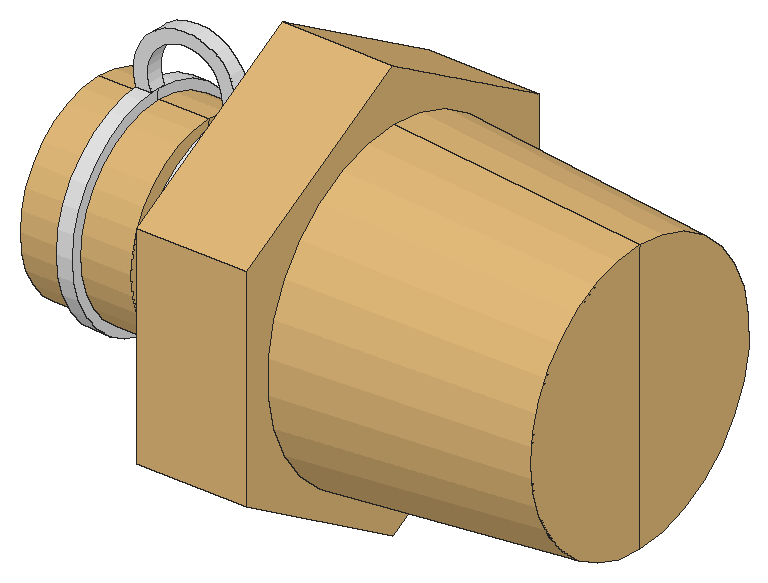
Revit family "pressure-temp-test plug- xptt", category Pipe Accessories, Revit 2018
Family settings
  Round Connector Dimension = Use Diameter
  Part Type = Inline Sensor
  Work Plane-Based = No
  Always vertical = Yes
  Cut with Voids When Loaded = No
  Shared = No
Parameters (values of type "FNWXPTTD pt plug-1/2"")
  Weight [instance] = ""
  URL = "http://www.fnw.com"
  Taper = 0.050"  # constant formula
  R2 = 0.290"  # constant formula
  R1 = 0.265"  # constant formula
  L5 = 0.043"  # constant formula
  L4 = 0.300"
  Hex-Angle = 120.00°  # constant formula
  Product ID = ""
  Part Number = "FNWXPTTD"
  NPT Connection = 0.750"  # constant formula
  L3 = 0.300"  # constant formula
  L2 = 0.670"  # constant formula
  L1 = 1.470"
  Description BOM = "PRESSURE TEST PLUG 1/2\""
  D2 = 0.840"
  D1 = 0.990"
Types (3): name | L4 | Part Number | L1 | Description BOM | D2 | D1
  (no name) | 0.300" | "FNWXPTTD" | 1.470" | "PRESSURE TEST PLUG 1/2\"" | 0.840" | 0.990"
  FNWXPTTB pt plug-1/4" | 0.25298" | "FNWXPTTB" | 1.360" | "PRESSURE TEST PLUG 1/4\"" | 0.540" | 0.630"
  FNWXPTTD pt plug-1/2" | 0.300" | "FNWXPTTD" | 1.470" | "PRESSURE TEST PLUG 1/2\"" | 0.840" | 0.990"
Reference planes (in)
  plane 1 "Center (Front/Back)": y = 0
  plane 2: z = 0
  plane 3 "Center (Left/Right)": x = 0
  plane 4: x = 1.47
  plane 5: x = 0.8
  plane 6: y = 0.495
  plane 7: y = -0.495
  plane 8: x = 0.3
  plane 9: z = 0.265
  plane 10: x = 0.5
  plane 11: z = 0.42
  plane 12: z = -0.42
  plane 13: z = 0.29
  plane 14: z = 0.29
Forms (in)
  Extrusion 1, solid, material "Brass"
    sketch origin (0, 0, 0) x (0, 1, 0) y (0, 0, 1)
      loop
        line (-0.495, -0.28579) -> (0, -0.57158) -> (0.495, -0.28579) -> (0.495, 0.28579) -> (0, 0.57158) -> (-0.495, 0.28579) -> (-0.495, -0.28579)
    from 0.5 to 0.8
  Extrusion 2, solid, material "Brass", not visible
    sketch origin (0, 0, 0) x (0, 1, 0) y (0, 0, 1)
      loop
        circle (0, 0) r 0.42
    from 0.7 to 1.47
  Revolve 3, solid, material "Brass"
    sketch origin (0, 0, 0) x (1, 0, 0) y (0, 0, 1)
      loop
        line (0.8, 0) -> (1.47, 0) -> (1.47, 0.37) -> (0.8, 0.42868) -> (0.8, 0)
      axis (0.8, 0) -> (1.47, 0)
    angle from 0 to 360
  Revolve 4, solid, material "Brass"
    sketch origin (0, 0, 0) x (1, 0, 0) y (0, 0, 1)
      loop
        line (0, 0.265) -> (0, 0) -> (0.5, 0) -> (0.5, 0.265) -> (0.343, 0.265) -> (0.343, 0.21047) -> (0.3, 0.21047) -> (0.3, 0.265) -> (0, 0.265)
      axis (0.5, 0) -> (0, 0)
    angle from 0 to 360
  Revolve 5, solid, material "PVC-Piping"
    sketch origin (0, 0, 0) x (1, 0, 0) y (0, 0, 1)
      loop
        line (0.11866, 0) -> (0.16166, 0) -> (0.16166, 0.29) -> (0.11866, 0.29) -> (0.11866, 0)
      loop
        line (0.34429, 0) -> (0.38729, 0) -> (0.38729, 0.29) -> (0.34429, 0.29) -> (0.34429, 0)
      axis (0.38729, 0) -> (0.11866, 0)
    angle from 0 to 360
  Extrusion 6, solid, material "PVC-Piping"
    sketch origin (0, 0, 0) x (1, 0, 0) y (0, 0, 1)
      loop
        line (0.11866, 0.29) -> (0.16166, 0.29)
        arc (0.16166, 0.29) -> (0.25298, 0.43588) -> (0.34429, 0.29) r 0.10152
        line (0.34429, 0.29) -> (0.38729, 0.29)
        arc (0.38729, 0.29) -> (0.25298, 0.47168) -> (0.11866, 0.29) r 0.14049
    from -0.0215 to 0.0215
Text (in)
  text "1/4 MNpt" at (1.9665, 0, -3.47529), in view "Front"
Dimensions and locks (in)
  "L1": plane 3 "Center (Left/Right)" to plane 4
  "L2": plane 4 to plane 5
  equal spacing: plane 6, plane 1 "Center (Front/Back)", plane 7
  "D1": plane 6 to plane 7
  "L3": plane 8 to plane 3 "Center (Left/Right)"
  "R1": plane 9 to plane 2
  "L4": plane 5 to plane 10
  "L5": Revolve 4 sketch curve to Revolve 4 sketch curve
  equal spacing: Extrusion 1 sketch curve, plane 1 "Center (Front/Back)", Extrusion 1 sketch curve  (x3)
  "D1": Extrusion 1 sketch curve to Extrusion 1 sketch curve  (x3)
  equal spacing: plane 11, plane 2, plane 12
  "D2": plane 11 to plane 12
  "Taper": plane 11 to Revolve 3 sketch curve
  "L5": Revolve 5 sketch curve to Revolve 5 sketch curve  (x2)
  "R2": plane 13 to plane 2
  equal spacing: Extrusion 6, plane 1 "Center (Front/Back)", Extrusion 6
  "L5": Extrusion 6 to Extrusion 6
  "R2": plane 14 to plane 2
  "D2": diameter of Extrusion 2 sketch curve
  "Hex-Angle": angle Extrusion 1 sketch curve to Extrusion 1 sketch curve  (x5)
  aligned and locked: plane 2 to level
  aligned and locked: plane 5 to Extrusion 1
  aligned and locked: Extrusion 2 to plane 4
  aligned and locked: plane 3 "Center (Left/Right)" to Revolve 4 sketch curve
  aligned and locked: Revolve 4 sketch curve to plane 8
  aligned and locked: plane 9 to Revolve 4 sketch curve
  aligned and locked: Extrusion 1 to plane 10
  aligned and locked: Extrusion 1 to Revolve 3 sketch curve
  aligned and locked: Revolve 5 sketch curve to plane 13  (x2)
  aligned and locked: plane 14 to Extrusion 6 sketch curve  (x2)
Automatic sketch dimensions
  Extrusion 2 sketch curve to level = 0.000"
  Extrusion 2 sketch curve to plane 1 "Center (Front/Back)" = 0.000"
  Revolve 3 sketch curve to level = 0.000"  (x2)
  plane 4 to Revolve 3 sketch curve = 0.000"
  plane 11 to Revolve 3 sketch curve = 0.00868"
  Revolve 3 sketch curve to Revolve 3 sketch curve = 0.10557"
  Revolve 3 sketch curve to plane 4 = 0.60524"
  Revolve 4 sketch curve to level = 0.000"  (x2)
  Revolve 4 sketch curve to plane 9 = 0.000"
  plane 10 to Revolve 4 sketch curve = 0.000"
  plane 9 to Revolve 4 sketch curve = 0.05453"
  Revolve 4 sketch curve to plane 3 "Center (Left/Right)" = 1.19983"
  Revolve 4 sketch curve to plane 8 = 0.06675"
  Revolve 5 sketch curve to level = 0.000"  (x3)
  plane 3 "Center (Left/Right)" to Revolve 5 sketch curve = 0.11866"
  plane 8 to Revolve 5 sketch curve = 0.04429"
  Revolve 5 sketch curve to plane 3 "Center (Left/Right)" = 0.37461"
  Revolve 5 sketch curve to Revolve 5 sketch curve = 0.00129"
  plane 3 "Center (Left/Right)" to Extrusion 6 sketch curve = 0.11866"
  Extrusion 6 sketch curve to Extrusion 6 sketch curve = 0.043"
  Extrusion 6 sketch curve to plane 8 = 0.04702"
  Extrusion 6 sketch curve to Extrusion 6 sketch curve = 0.000"
  Extrusion 6 sketch curve to plane 14 = 0.04119"
  Extrusion 6 sketch curve to Extrusion 6 sketch curve = 0.00316"
Connectors (in)
  piping at (1.47, 0, 0), diameter 0.75, driven by "NPT Connection"
    settings: on Extrusion 2, index 1, connector inside diameter 24", connector length 0.000", flow factor 0, pipe flow 0 GPM, pressure drop 0.00 psi, fitting loss kfactor 0, connector angle 0.00°, fixture units 0, engagement length 0.000", angle of deflection 0.00°, flow configuration 0, flow direction 0, fitting loss method 0, system type 28, joint type 0, gender type 0, connector reference index -1, connector utility 0, adjustable connector no, is connector primary yes, connector description ""
